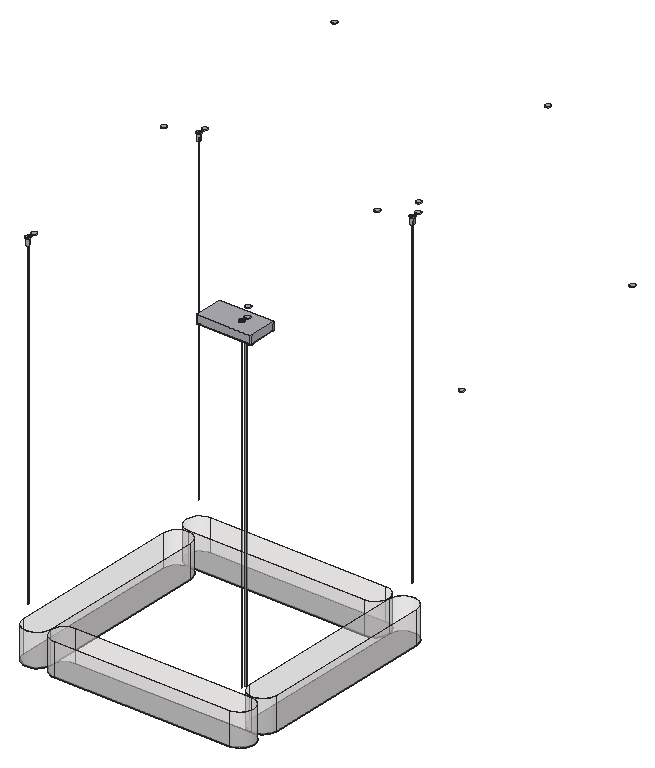
Revit family "Lighting - Lumetta - Pendant - BP53408", category Lighting Fixtures, host Ceiling, Revit 2015
Parameters
  Wattage = 34.1318 W
  built-in parameter 1150110 = 1 (stored number, unit not read)
  URL = ""
  built-in parameter 1114217 = 3 (stored number, unit not read)
  Bottom Lens-Material [instance] = Acrylic - P95 - Etched White
  built-in parameter 1150109 = 1 (stored number, unit not read)
  built-in parameter 1150134 = (empty or 0)
  built-in parameter 1150113 = 1 (stored number, unit not read)
  Fixture Center [instance] = Frame Width / 2  # 1' - 5"
  BP52308 URL [instance] = ""
  Model = "BP53408"  # constant formula
  Manufacturer = "Lumetta, Inc."  # constant formula
  Lumens = 5070 lm
  built-in parameter 1150115 = 1 (stored number, unit not read)
  built-in parameter 1150105 = 403.46 (stored number, unit not read)
  Light Source Symbol Size = 0' - 2"
  built-in parameter 1150137 = (empty or 0)
  built-in parameter 1150139 = (empty or 0)
  built-in parameter 1150112 = 1 (stored number, unit not read)
  built-in parameter 1150114 = 1 (stored number, unit not read)
  built-in parameter 1150132 = 2
  built-in parameter 1150102 = (empty or 0)
  built-in parameter 1150138 = (empty or 0)
  built-in parameter 1150107 = 3000 (stored number, unit not read)
  built-in parameter 1150106 = 4.0346 (stored number, unit not read)
  Frame Width [instance] = 2' - 10"
  Frame Length [instance] = 2' - 10"
  Frame Finish [instance] = Paint - Lumetta - F02 - PC_Chrome
  Frame Height = 0' - 8"
  Fixture Drop [instance] = 4' - 0"
  Emit from Line Length = 1' - 3 87/128"
  built-in parameter 1150104 = 13.8 (stored number, unit not read)
  Dimming Lamp Color Temperature Shift = <None>
  Diffuser Material [instance] = Shade - Lumetta - D61 - MT_White
  Description = "34 Inch Brink Pendant"  # constant formula
  Cord Color [instance] = Cord, Black
  Color Filter = 16777215
  built-in parameter 1114218 = 1 (stored number, unit not read)
  built-in parameter 1150133 = 10 (stored number, unit not read)
Reference planes (in)
  plane 1 "Light Source Axis (F/B)": y = 0
  plane 2 "Ceiling": z = 99.76773
  plane 3 "Light Source Axis (L/R)": x = -5.4375
  plane 4 "Light Source Elevation": z = 49.26773
  plane 5 "Frame Top": z = 51.76773
  plane 6 "Frame BTM": z = 43.76773
  plane 7 "Lamping Start": z = 51.26773
  plane 8 "Fixture Center": y = 15
  plane 9 "Fixture Left": x = -24.5
  plane 10 "Fixture Right": x = 9.5
  plane 11 "Fixture Back": y = 32
  plane 12 "Fixture Front": y = -2
  plane 13 "Ball Nut PLane": x = 4.75
  plane 14 "Fixture Center F/B": x = -7.5
Forms (in)
  Extrusion 1, solid, material "Paint - Lumetta - F02 - PC_Chrome" <- "Frame Finish"
    sketch origin (0, 0, 99.76773) x (1, 0, 0) y (0, 1, 0)
      loop
        arc (3.4625, 1.375) -> (3.35643, 1.33107) -> (3.3125, 1.225) r 0.15
        line (3.3125, 1.225) -> (3.3125, -2.72656)
        arc (3.3125, -2.72656) -> (3.35598, -2.83152) -> (3.46094, -2.875) r 0.14844
        line (3.46094, -2.875) -> (11.16406, -2.875)
        arc (11.16406, -2.875) -> (11.26902, -2.83152) -> (11.3125, -2.72656) r 0.14844
        line (11.3125, -2.72656) -> (11.3125, 1.22656)
        arc (11.3125, 1.22656) -> (11.26902, 1.33152) -> (11.16406, 1.375) r 0.14844
        line (11.16406, 1.375) -> (3.4625, 1.375)
    from 0 to -1.25333
  Revolve 2, solid, material "Paint - Lumetta - F02 - PC_Chrome" <- "Frame Finish", not visible
    sketch origin (17.07852, 0, 0) x (1, 0, 0) y (0, 0, 1)
      loop
        line (-8.82852, 98.51773) -> (-8.82852, 98.01773) -> (-8.5473, 98.01773) -> (-8.45291, 98.51773) -> (-8.82852, 98.51773)
      axis (-8.82852, 98.01773) -> (-8.82852, 98.51773)
    angle from 0 to 360
  Extrusion 3, solid, material "Cord, Black" <- "Cord Color"
    sketch origin (0, 0, 99.76773) x (1, 0, 0) y (0, 1, 0)
      loop
        circle (8.25, 0) r 0.1566
    from -1.25333 to -48.5
  Extrusion 4, solid, material "Steel, Galvanized"
    sketch origin (0, 0, 96.01773) x (1, 0, 0) y (0, 1, 0)
      loop
        circle (-23.25, -0.75) r 0.03252
      loop
        circle (8.25, -0.75) r 0.03265
      loop
        circle (-23.24999, 30.75) r 0.03252
      loop
        circle (8.25, 30.75) r 0.03265
    from 3.75 to -44.75
  Extrusion 5, solid, material "Shade - Lumetta - D61 - MT_White" <- "Diffuser Material"
    sketch origin (0, 0, 43.76773) x (-1, 0, 0) y (0, -1, 0)
      loop
        arc (18.375, -2) -> (20.375, 0) -> (18.375, 2) r 2
        line (18.375, 2) -> (-7.5, 2)
        arc (-7.5, 2) -> (-9.5, 0) -> (-7.5, -2) r 2
        line (-7.5, -2) -> (18.375, -2)
      loop
        line (-7.5, -1.96875) -> (18.375, -1.96875)
        arc (18.375, -1.96875) -> (20.34375, 0) -> (18.375, 1.96875) r 1.96875
        line (18.375, 1.96875) -> (-7.5, 1.96875)
        arc (-7.5, 1.96875) -> (-9.46875, 0) -> (-7.5, -1.96875) r 1.96875
      loop
        arc (-5.5, -4.125) -> (-7.5, -2.125) -> (-9.5, -4.125) r 2
        line (-9.5, -4.125) -> (-9.5, -30)
        arc (-9.5, -30) -> (-7.5, -32) -> (-5.5, -30) r 2
        line (-5.5, -30) -> (-5.5, -4.125)
      loop
        line (-5.53125, -30) -> (-5.53125, -4.125)
        arc (-5.53125, -4.125) -> (-7.5, -2.15625) -> (-9.46875, -4.125) r 1.96875
        line (-9.46875, -4.125) -> (-9.46875, -30)
        arc (-9.46875, -30) -> (-7.5, -31.96875) -> (-5.53125, -30) r 1.96875
      loop
        arc (-3.375, -28) -> (-5.375, -30) -> (-3.375, -32) r 2
        line (-3.375, -32) -> (22.5, -32)
        arc (22.5, -32) -> (24.5, -30) -> (22.5, -28) r 2
        line (22.5, -28) -> (-3.375, -28)
      loop
        line (22.5, -28.03125) -> (-3.375, -28.03125)
        arc (-3.375, -28.03125) -> (-5.34375, -30) -> (-3.375, -31.96875) r 1.96875
        line (-3.375, -31.96875) -> (22.5, -31.96875)
        arc (22.5, -31.96875) -> (24.46875, -30) -> (22.5, -28.03125) r 1.96875
      loop
        arc (20.5, -25.875) -> (22.5, -27.875) -> (24.5, -25.875) r 2
        line (24.5, -25.875) -> (24.5, 0)
        arc (24.5, 0) -> (22.5, 2) -> (20.5, 0) r 2
        line (20.5, 0) -> (20.5, -25.875)
      loop
        line (20.53125, 0) -> (20.53125, -25.875)
        arc (20.53125, -25.875) -> (22.5, -27.84375) -> (24.46875, -25.875) r 1.96875
        line (24.46875, -25.875) -> (24.46875, 0)
        arc (24.46875, 0) -> (22.5, 1.96875) -> (20.53125, 0) r 1.96875
    from 0 to 4.73738
  Sweep 6, void
    path in 3D
      loop
        arc (11.3125, -2.72656, 98.5144) -> (11.26902, -2.83152, 98.5144) -> (11.16406, -2.875, 98.5144) r 0.14844
        line (11.16406, -2.875, 98.5144) -> (3.46094, -2.875, 98.5144)
        arc (3.46094, -2.875, 98.5144) -> (3.35598, -2.83152, 98.5144) -> (3.3125, -2.72656, 98.5144) r 0.14844
        line (3.3125, -2.72656, 98.5144) -> (3.3125, 1.225, 98.5144)
        arc (3.3125, 1.225, 98.5144) -> (3.35643, 1.33107, 98.5144) -> (3.4625, 1.375, 98.5144) r 0.15
        line (3.4625, 1.375, 98.5144) -> (11.16406, 1.375, 98.5144)
        arc (11.16406, 1.375, 98.5144) -> (11.26902, 1.33152, 98.5144) -> (11.3125, 1.22656, 98.5144) r 0.14844
        line (11.3125, 1.22656, 98.5144) -> (11.3125, -2.72656, 98.5144)
    profile origin (11.3125, -0.75, 98.5144) x (-1, 0, 0) y (0, 0, -1)
      loop
        arc (0, -0.10156) -> (0.02975, -0.02975) -> (0.10156, 0) r 0.10156
        line (0.10156, 0) -> (0.10156, 0.16534) -> (-0.4389, 0.16534) -> (-0.4389, -0.10156) -> (0, -0.10156)
  Revolve 7, solid, material "Paint - Lumetta - F02 - PC_Chrome" <- "Frame Finish"
    sketch origin (4.75, 0, 0) x (0, -1, 0) y (0, 0, 1)
      loop
        arc (-0.625, 98.51773) -> (-0.8125, 98.33023) -> (-0.625, 98.14273) r 0.1875
        line (-0.625, 98.14273) -> (-0.625, 98.51773)
      axis (-0.625, 98.51773) -> (-0.625, 98.14273)
    angle from 0 to 360
  Revolve 8, solid, material "Paint - Lumetta - F02 - PC_Chrome" <- "Frame Finish"
    sketch origin (4.75, -2.89731, 0) x (0, -1, 0) y (0, 0, 1)
      loop
        arc (-0.77231, 98.51773) -> (-0.95981, 98.33023) -> (-0.77231, 98.14273) r 0.1875
        line (-0.77231, 98.14273) -> (-0.77231, 98.51773)
      axis (-0.77231, 98.51773) -> (-0.77231, 98.14273)
    angle from 0 to 360
  Extrusion 9, solid, material "Paint - Lumetta - F02 - PC_Chrome" <- "Frame Finish"
    sketch origin (0, 0, 99.76773) x (1, 0, 0) y (0, 1, 0)
      loop
        circle (-23.24999, -0.75) r 0.375
      loop
        circle (8.25, -0.75) r 0.375
      loop
        circle (-23.24999, 30.75) r 0.375
      loop
        circle (8.25, 30.75) r 0.375
    from -0.01887 to 0
  Extrusion 10, solid, material "Paint - Lumetta - F02 - PC_Chrome" <- "Frame Finish"
    sketch origin (0, 0, 99.76773) x (1, 0, 0) y (0, 1, 0)
      loop
        circle (-23.24999, 30.75) r 0.25
      loop
        circle (8.25, 30.75) r 0.25
      loop
        circle (-23.24999, -0.75) r 0.25
      loop
        circle (8.25, -0.75) r 0.25
    from -1.00383 to 0
  Extrusion 11, solid, material "Acrylic - P95 - Etched White" <- "Bottom Lens-Material"
    sketch origin (0, 0, 43.76773) x (-1, 0, 0) y (0, -1, 0)
      loop
        arc (-9.46875, -30) -> (-7.5, -31.96875) -> (-5.53125, -30) r 1.96875
        line (-5.53125, -30) -> (-5.53125, -4.125)
        arc (-5.53125, -4.125) -> (-7.5, -2.15625) -> (-9.46875, -4.125) r 1.96875
        line (-9.46875, -4.125) -> (-9.46875, -30)
      loop
        arc (22.5, -31.96875) -> (24.46875, -30) -> (22.5, -28.03125) r 1.96875
        line (22.5, -28.03125) -> (-3.375, -28.03125)
        arc (-3.375, -28.03125) -> (-5.34375, -30) -> (-3.375, -31.96875) r 1.96875
        line (-3.375, -31.96875) -> (22.5, -31.96875)
      loop
        arc (24.46875, 0) -> (22.5, 1.96875) -> (20.53125, 0) r 1.96875
        line (20.53125, 0) -> (20.53125, -25.875)
        arc (20.53125, -25.875) -> (22.5, -27.84375) -> (24.46875, -25.875) r 1.96875
        line (24.46875, -25.875) -> (24.46875, 0)
      loop
        arc (-7.5, 1.96875) -> (-9.46875, 0) -> (-7.5, -1.96875) r 1.96875
        line (-7.5, -1.96875) -> (18.375, -1.96875)
        arc (18.375, -1.96875) -> (20.34375, 0) -> (18.375, 1.96875) r 1.96875
        line (18.375, 1.96875) -> (-7.5, 1.96875)
    from 0 to 0.12421
Cuts and joins
  Sweep 6 cuts Extrusion 1
Lines and regions (in)
  sketch lines
    curve 1: line (11.3125, 1.22656, 98.5144) -> (11.3125, -2.72656, 98.5144)
    curve 2: arc (11.3125, 1.22656, 98.5144) -> (11.26902, 1.33152, 98.5144) -> (11.16406, 1.375, 98.5144) r 0.14844
    curve 3: line (3.4625, 1.375, 98.5144) -> (11.16406, 1.375, 98.5144)
    curve 4: arc (3.4625, 1.375, 98.5144) -> (3.35643, 1.33107, 98.5144) -> (3.3125, 1.225, 98.5144) r 0.15
    curve 5: line (3.3125, -2.72656, 98.5144) -> (3.3125, 1.225, 98.5144)
    curve 6: arc (3.3125, -2.72656, 98.5144) -> (3.35598, -2.83152, 98.5144) -> (3.46094, -2.875, 98.5144) r 0.14844
    curve 7: line (11.16406, -2.875, 98.5144) -> (3.46094, -2.875, 98.5144)
    curve 8: arc (11.16406, -2.875, 98.5144) -> (11.26902, -2.83152, 98.5144) -> (11.3125, -2.72656, 98.5144) r 0.14844
Dimensions and locks (in)
  equal spacing: host sketch curve, plane 3 "Light Source Axis (L/R)", host sketch curve
  equal spacing: host sketch curve, plane 1 "Light Source Axis (F/B)", host sketch curve
  host sketch curve to host sketch curve = 10' - 0"  (x2)
  Revolve 2 sketch curve to plane 3 "Light Source Axis (L/R)" = 1' - 1 11/16"
  locked: plane 5 "Frame Top" to plane 7 "Lamping Start" at 0.5
  plane 7 "Lamping Start" to plane 4 "Light Source Elevation" = 0' - 2"
  "Frame Height": plane 5 "Frame Top" to plane 6 "Frame BTM"
  "Fixture Drop": plane 2 "Ceiling" to plane 5 "Frame Top"
  locked: Extrusion 1 sketch curve to Extrusion 1 sketch curve at 8
  locked: Extrusion 1 sketch curve to Extrusion 1 sketch curve at 4.25
  locked: plane 2 "Ceiling" to Extrusion 1 at 1.25333
  locked: Revolve 2 sketch curve to Revolve 2 sketch curve at 0.5
  locked: Revolve 2 sketch curve to Revolve 2 sketch curve at 0.3756
  locked: Revolve 2 sketch curve to Revolve 2 sketch curve at 0.28122
  locked: plane 8 "Fixture Center" to plane 1 "Light Source Axis (F/B)" at 15
  Extrusion 4 sketch curve to Extrusion 4 sketch curve = 2' - 7 1/2"
  locked: Extrusion 4 sketch curve to plane 1 "Light Source Axis (F/B)" at 0.75
  "Frame Length": plane 9 "Fixture Left" to plane 10 "Fixture Right"
  locked: plane 3 "Light Source Axis (L/R)" to plane 10 "Fixture Right" at 14.9375
  "Frame Width": plane 12 "Fixture Front" to plane 11 "Fixture Back"
  locked: plane 8 "Fixture Center" to plane 12 "Fixture Front" at 17
  locked: plane 3 "Light Source Axis (L/R)" to Extrusion 1 sketch curve at 8.75
  imposter light to Extrusion 1 sketch curve = 0' - 1 3/8"
  locked: plane 10 "Fixture Right" to Revolve 2 sketch curve at 1.25
  locked: Revolve 2 sketch curve to Revolve 2 sketch curve
  locked: Extrusion 4 sketch curve to plane 10 "Fixture Right" at 1.25
  locked: Extrusion 3 sketch curve to plane 10 "Fixture Right" at 1.25
  locked: Extrusion 3 sketch curve to plane 1 "Light Source Axis (F/B)"
  plane 2 "Ceiling" to Revolve 7 sketch curve = 0' - 1 7/16"
  locked: Revolve 7 sketch curve to Revolve 7 sketch curve at 0
  plane 12 "Fixture Front" to Revolve 7 sketch curve = 0' - 2 5/8"
  locked: Revolve 8 sketch curve to Revolve 8 sketch curve at 0
  locked: Revolve 8 sketch curve to plane 12 "Fixture Front" at 0.125
  locked: plane 2 "Ceiling" to Extrusion 9 at 0.01887
  locked: plane 2 "Ceiling" to Extrusion 10 at 1.00383
  locked: Extrusion 11 to plane 6 "Frame BTM" at 0.12421
  locked: plane 9 "Fixture Left" to plane 14 "Fixture Center F/B" at 17
  locked: Extrusion 1 sketch curve to Extrusion 1 sketch curve at 7.70156
  locked: Extrusion 1 sketch curve to Extrusion 1 sketch curve at 3.95313
  locked: Extrusion 5 sketch curve to plane 10 "Fixture Right" at 2
  locked: nested 1 to plane 10 "Fixture Right" at 2
  locked: nested 2 to plane 11 "Fixture Back" at 2
  plane 9 "Fixture Left" to nested 3 = 0' - 2"
  aligned and locked: plane 3 "Light Source Axis (L/R)" to imposter light
  aligned and locked: plane 1 "Light Source Axis (F/B)" to imposter light
  aligned and locked: plane 4 "Light Source Elevation" to imposter light
  aligned and locked: Extrusion 3 to Extrusion 1
  aligned and locked: Extrusion 3 to plane 7 "Lamping Start"
  aligned and locked: Extrusion 4 to plane 7 "Lamping Start"
  aligned and locked: Extrusion 5 to plane 6 "Frame BTM"
  aligned and locked: plane 2 "Ceiling" to Extrusion 4
  aligned and locked: plane 2 "Ceiling" to Extrusion 9
  aligned and locked: plane 2 "Ceiling" to Extrusion 10
  aligned and locked: Extrusion 11 to plane 6 "Frame BTM"
Automatic sketch dimensions
  Revolve 2 sketch curve to plane 2 "Ceiling" = 0' - 1 3/4"
  Revolve 2 sketch curve to Revolve 2 sketch curve = 0' - 0 7/16"
  plane 2 "Ceiling" to Revolve 2 sketch curve = 0' - 2 11/16"
  plane 9 "Fixture Left" to Extrusion 4 sketch curve = 0' - 1 1/4"
  Extrusion 4 sketch curve to plane 10 "Fixture Right" = 0' - 1 1/4"
  plane 1 "Light Source Axis (F/B)" to Extrusion 4 sketch curve = 0' - 0 3/4"
  plane 11 "Fixture Back" to Extrusion 4 sketch curve = 0' - 1 1/4"  (x2)
  Sweep 6 sketch curve to profile plane = 0' - 0"  (x2)
  Sweep 6 sketch curve to profile plane = 0' - 0 13/128"
  Sweep 6 sketch curve to Sweep 6 sketch curve = 0' - 0.4389"
  Sweep 6 sketch curve to Sweep 6 sketch curve = 0' - 0.16534"
  Revolve 7 sketch curve to Revolve 7 sketch curve = 0' - 0 3/16"
  Revolve 7 sketch curve to Revolve 7 sketch curve = 0' - 1 5/8"
  plane 2 "Ceiling" to Revolve 7 sketch curve = 0' - 1 1/2"
  Revolve 8 sketch curve to plane 2 "Ceiling" = 0' - 1 5/8"
  Revolve 8 sketch curve to Revolve 8 sketch curve = 0' - 0 3/16"
  Revolve 8 sketch curve to Revolve 8 sketch curve = 0' - 1 5/8"
  plane 2 "Ceiling" to Revolve 8 sketch curve = 0' - 1 1/2"
  plane 9 "Fixture Left" to Extrusion 9 sketch curve = 0' - 1 1/4"  (x2)
  Extrusion 9 sketch curve to plane 10 "Fixture Right" = 0' - 1 1/4"  (x2)
  plane 1 "Light Source Axis (F/B)" to Extrusion 9 sketch curve = 0' - 0 3/4"  (x2)
  plane 11 "Fixture Back" to Extrusion 9 sketch curve = 0' - 1 1/4"  (x2)
  plane 9 "Fixture Left" to Extrusion 10 sketch curve = 0' - 1 1/4"  (x2)
  Extrusion 10 sketch curve to plane 10 "Fixture Right" = 0' - 1 1/4"  (x2)
  plane 1 "Light Source Axis (F/B)" to Extrusion 10 sketch curve = 0' - 0 3/4"  (x2)
  plane 11 "Fixture Back" to Extrusion 10 sketch curve = 0' - 1 1/4"  (x2)
  Extrusion 1 sketch curve to Extrusion 1 sketch curve = 0' - 0 19/128"  (x2)
  plane 1 "Light Source Axis (F/B)" to Extrusion 11 sketch curve = 0' - 0"  (x2)
  Extrusion 11 sketch curve to plane 10 "Fixture Right" = 0' - 0 1/32"
  Extrusion 11 sketch curve to Extrusion 11 sketch curve = 0' - 1 31/32"  (x3)
  Extrusion 11 sketch curve to plane 10 "Fixture Right" = 0' - 2"
  plane 11 "Fixture Back" to Extrusion 11 sketch curve = 0' - 0 1/32"
  plane 13 "Ball Nut PLane" to Extrusion 11 sketch curve = 0' - 1 3/8"
  plane 9 "Fixture Left" to Extrusion 11 sketch curve = 0' - 6 1/8"
  plane 9 "Fixture Left" to Extrusion 11 sketch curve = 0' - 3 31/32"
  plane 9 "Fixture Left" to Extrusion 11 sketch curve = 0' - 2"
  plane 11 "Fixture Back" to Extrusion 11 sketch curve = 0' - 2"
  Extrusion 11 sketch curve to Extrusion 11 sketch curve = 0' - 2 5/32"
  Extrusion 11 sketch curve to plane 1 "Light Source Axis (F/B)" = 0' - 4 1/8"
  Extrusion 11 sketch curve to plane 1 "Light Source Axis (F/B)" = 0' - 1 31/32"
  Extrusion 5 sketch curve to Extrusion 5 sketch curve = 0' - 0"  (x13)
  Extrusion 5 sketch curve to plane 10 "Fixture Right" = 0' - 0"
  plane 11 "Fixture Back" to Extrusion 5 sketch curve = 0' - 0"
  plane 1 "Light Source Axis (F/B)" to Extrusion 5 sketch curve = 0' - 0"  (x2)
  Extrusion 5 sketch curve to plane 12 "Fixture Front" = 0' - 0"
  Extrusion 5 sketch curve to plane 9 "Fixture Left" = 0' - 0"
  Extrusion 5 sketch curve to plane 10 "Fixture Right" = 0' - 0 1/32"
  Extrusion 5 sketch curve to Extrusion 5 sketch curve = 0' - 1 31/32"  (x2)
  plane 13 "Ball Nut PLane" to Extrusion 5 sketch curve = 0' - 1 3/8"
  Extrusion 5 sketch curve to Extrusion 5 sketch curve = 0' - 6 1/8"
  Extrusion 5 sketch curve to Extrusion 5 sketch curve = 0' - 2 1/8"  (x3)
  Extrusion 5 sketch curve to Extrusion 5 sketch curve = 0' - 0 1/32"  (x3)
  plane 11 "Fixture Back" to Extrusion 5 sketch curve = 0' - 2"
  plane 9 "Fixture Left" to Extrusion 5 sketch curve = 0' - 2"
  radius of Extrusion 3 sketch curve = 0' - 0.1566"
  radius of Extrusion 4 sketch curve = 0' - 0.03252"  (x2)
  radius of Extrusion 4 sketch curve = 0' - 0.03265"  (x2)
  radius of Extrusion 9 sketch curve = 0' - 0 3/8"  (x4)
  radius of Extrusion 10 sketch curve = 0' - 0 1/4"  (x4)
Nested families (in)
  nested 1: "Lighting - Lumetta - Pendant - BP53408-Lamping" at (7.5, 10.5625, 0) x (0, -1, 0) z (0, 0, 1), type "Lighting - Lumetta - Pendant - BP53408-Lamping"
    with Frame Width 2' - 10", Frame Length 2' - 10", Frame Finish Paint - Lumetta - F02 - PC_Chrome, Fixture Drop 4' - 0", Fixture Center 1' - 5", Diffuser Material Shade - Lumetta - D61 - MT_White, Cord Color Cord, Black, Bottom Lens-Material Acrylic - P95 - Etched White, BP52308 URL "https://lumetta.com/luminaires/linear-acoustic-box-48x24-pendant/"
  nested 2: "Lighting - Lumetta - Pendant - BP53408-Lamping" at (-4, 30, 0), type "Lighting - Lumetta - Pendant - BP53408-Lamping"
    with Frame Width 2' - 10", Frame Length 2' - 10", Frame Finish Paint - Lumetta - F02 - PC_Chrome, Fixture Drop 4' - 0", Fixture Center 1' - 5", Diffuser Material Shade - Lumetta - D61 - MT_White, Cord Color Cord, Black, Bottom Lens-Material Acrylic - P95 - Etched White, BP52308 URL "https://lumetta.com/luminaires/linear-acoustic-box-48x24-pendant/"
  nested 3: "Lighting - Lumetta - Pendant - BP53408-Lamping" at (-22.5, 8.5625, 0) x (0, -1, 0) z (0, 0, 1), type "Lighting - Lumetta - Pendant - BP53408-Lamping"
    with Frame Width 2' - 10", Frame Length 2' - 10", Frame Finish Paint - Lumetta - F02 - PC_Chrome, Fixture Drop 4' - 0", Fixture Center 1' - 5", Diffuser Material Shade - Lumetta - D61 - MT_White, Cord Color Cord, Black, Bottom Lens-Material Acrylic - P95 - Etched White, BP52308 URL "https://lumetta.com/luminaires/linear-acoustic-box-48x24-pendant/"
Definition of nested family "Lighting - Lumetta - Pendant - BP53408-Lamping"
  Parameters (values of type "Lighting - Lumetta - Pendant - BP53408-Lamping")
    Wattage = 34.1318 W
    built-in parameter 1150110 = 1 (stored number, unit not read)
    URL = "https://lumetta.com/luminaires/linear-acoustic-box-48x24-pendant/"
    built-in parameter 1114217 = 3 (stored number, unit not read)
    Bottom Lens-Material [instance] = none
    built-in parameter 1150109 = 1 (stored number, unit not read)
    built-in parameter 1150134 = (empty or 0)
    built-in parameter 1150113 = 1 (stored number, unit not read)
    Fixture Center [instance] = Frame Width / 2  # 1' - 5"
    BP52308 URL [instance] = "https://lumetta.com/luminaires/linear-acoustic-box-48x24-pendant/"
    Model = "BP52308"  # constant formula
    Manufacturer = "Lumetta, Inc."  # constant formula
    Lumens = 5070 lm
    built-in parameter 1150115 = 1 (stored number, unit not read)
    built-in parameter 1150105 = 403.46 (stored number, unit not read)
    Light Source Symbol Size = 0' - 2"
    built-in parameter 1150137 = (empty or 0)
    built-in parameter 1150139 = (empty or 0)
    built-in parameter 1150112 = 1 (stored number, unit not read)
    built-in parameter 1150114 = 1 (stored number, unit not read)
    built-in parameter 1150132 = 2
    built-in parameter 1150102 = (empty or 0)
    built-in parameter 1150138 = (empty or 0)
    built-in parameter 1150107 = 3000 (stored number, unit not read)
    built-in parameter 1150106 = 4.0346 (stored number, unit not read)
    Frame Width [instance] = 2' - 10"
    Frame Length [instance] = 2' - 10"
    Frame Finish [instance] = none
    Frame Height = 0' - 5"
    Fixture Drop [instance] = 4' - 0"
    Emit from Line Length = 1' - 3 87/128"
    built-in parameter 1150104 = 13.8 (stored number, unit not read)
    Dimming Lamp Color Temperature Shift = (empty or 0)
    Diffuser Material [instance] = none
    Description = "Linear Acoustic Box 48×24 Pendant"  # constant formula
    Cord Color [instance] = none
    Color Filter = 16777215
    built-in parameter 1114218 = 1 (stored number, unit not read)
    built-in parameter 1150133 = 10 (stored number, unit not read)
  Reference planes (in)
    plane 1 "Light Source Axis (F/B)": y = 0
    plane 2 "Ceiling": z = 99.76773
    plane 3 "Light Source Axis (L/R)": x = -5.4375
    plane 4 "Light Source Elevation": z = 49.26773
    plane 5 "Frame Top": z = 51.76773
    plane 6 "Frame BTM": z = 46.76773
    plane 7 "Lamping Start": z = 51.26773
    plane 8 "Fixture Center": y = 15
    plane 9 "Fixture Left": x = -24.5
    plane 10 "Fixture Right": x = 9.5
    plane 11 "Fixture Back": y = 32
    plane 12 "Fixture Front": y = -2
    plane 13 "Ball Nut PLane": x = 4.75
    plane 14 "Fixture Center F/B": x = -7.5
  Forms (in)
    Extrusion 1, solid, material <- "Frame Finish"
      sketch origin (0, 0, 99.76773) x (1, 0, 0) y (0, 1, 0)
        loop
          circle (-23.24999, -0.75) r 0.375
        loop
          circle (8.25, -0.75) r 0.375
        loop
          circle (-23.24999, 30.75) r 0.375
        loop
          circle (8.25, 30.75) r 0.375
      from -0.01887 to 0
  Dimensions and locks (in)
    equal spacing: host sketch curve, plane 3 "Light Source Axis (L/R)", host sketch curve
    equal spacing: host sketch curve, plane 1 "Light Source Axis (F/B)", host sketch curve
    host sketch curve to host sketch curve = 10' - 0"  (x2)
    locked: plane 5 "Frame Top" to plane 7 "Lamping Start" at 0.5
    plane 7 "Lamping Start" to plane 4 "Light Source Elevation" = 0' - 2"
    "Frame Height": plane 5 "Frame Top" to plane 6 "Frame BTM"
    "Fixture Drop": plane 2 "Ceiling" to plane 5 "Frame Top"
    locked: plane 8 "Fixture Center" to plane 1 "Light Source Axis (F/B)" at 15
    "Frame Length": plane 9 "Fixture Left" to plane 10 "Fixture Right"
    locked: plane 3 "Light Source Axis (L/R)" to plane 10 "Fixture Right" at 14.9375
    "Frame Width": plane 12 "Fixture Front" to plane 11 "Fixture Back"
    locked: plane 8 "Fixture Center" to plane 12 "Fixture Front" at 17
    locked: plane 2 "Ceiling" to Extrusion 1 at 0.01887
    locked: plane 9 "Fixture Left" to plane 14 "Fixture Center F/B" at 17
    aligned and locked: plane 3 "Light Source Axis (L/R)" to imposter light
    aligned and locked: plane 1 "Light Source Axis (F/B)" to imposter light
    aligned and locked: plane 4 "Light Source Elevation" to imposter light
    aligned and locked: plane 2 "Ceiling" to Extrusion 1
  Automatic sketch dimensions
    plane 9 "Fixture Left" to Extrusion 1 sketch curve = 0' - 1 1/4"  (x2)
    Extrusion 1 sketch curve to plane 10 "Fixture Right" = 0' - 1 1/4"  (x2)
    plane 1 "Light Source Axis (F/B)" to Extrusion 1 sketch curve = 0' - 0 3/4"  (x2)
    plane 11 "Fixture Back" to Extrusion 1 sketch curve = 0' - 1 1/4"  (x2)
    radius of Extrusion 1 sketch curve = 0' - 0 3/8"  (x4)
